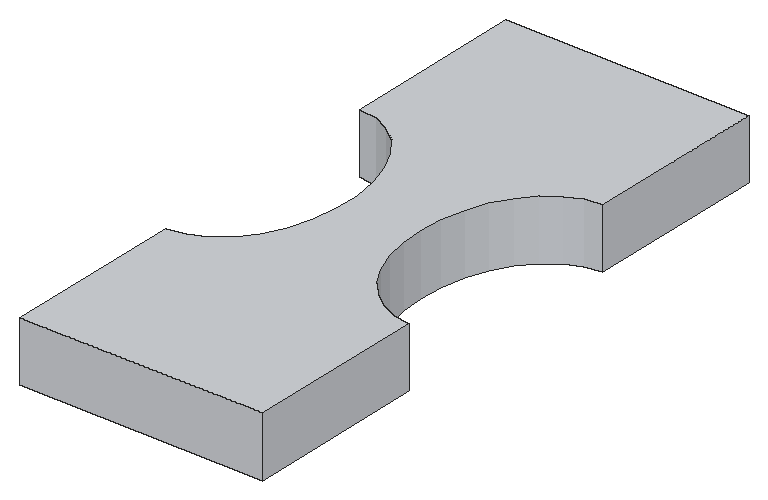
Revit family "電線管用ファミリ(片側のみ)_34", category Electrical Fixtures, Revit 2022
Family settings
  Round Connector Dimension = Use Diameter
  Part Type = Normal
  OmniClass Number = 23.80.00.00
  OmniClass Title = Electric Power and Lighting
  Work Plane-Based = No
  Always vertical = Yes
  Cut with Voids When Loaded = No
  Maintain Annotation Orientation = No
  Shared = No
  Room Calculation Point = No
Parameters
  コネクタ直径 [instance] = 16 mm
  W [instance] = 200 mm
  Default Elevation = 0 mm
  D [instance] = 500 mm
Reference planes
  plane 1 "Center (Front/Back)": y = 0
  plane 2: z = 0
  plane 3 "Center (Left/Right)": x = 0
  plane 4: x = -100
  plane 5: x = 100
  plane 6: y = 250
  plane 7: y = -250
  plane 8: z = 50
  plane 9: y = -100
  plane 10: y = 100
  plane 11: x = -50
  plane 12: x = 50
Forms (mm)
  Extrusion 1, solid
    sketch origin (0, 0, 0) x (1, 0, 0) y (0, 1, 0)
      loop
        line (-100, 250) -> (-100, -250) -> (100, -250) -> (100, 250) -> (-100, 250)
    from 0 to 50
  Extrusion 2, void
    sketch origin (0, 0, 0) x (1, 0, 0) y (0, 1, 0)
      loop
        line (-100, 100) -> (-100, -100)
        spline (-100, -100) -> (-81.883, -96.593) -> (-65, -86.603) -> (-50.503, -70.711) -> (-39.378, -50) -> (-32.385, -25.882) -> (-30, 0) -> (-32.385, 25.882) -> (-39.378, 50) -> (-50.503, 70.711) -> (-65, 86.603) -> (-81.883, 96.593) -> (-100, 100)
    from 0 to 50
  Extrusion 3, void
    sketch origin (0, 0, 0) x (1, 0, 0) y (0, 1, 0)
      loop
        spline (100, 100) -> (81.883, 96.593) -> (65, 86.603) -> (50.503, 70.711) -> (39.378, 50) -> (32.385, 25.882) -> (30, 0) -> (32.385, -25.882) -> (39.378, -50) -> (50.503, -70.711) -> (65, -86.603) -> (81.883, -96.593) -> (100, -100)
        line (100, -100) -> (100, 100)
    from 0 to 50
Cuts and joins
  Extrusion 2, Extrusion 3 cuts Extrusion 1
Dimensions and locks
  equal spacing: plane 4, plane 3 "Center (Left/Right)", plane 5
  "W": plane 4 to plane 5
  equal spacing: plane 6, plane 1 "Center (Front/Back)", plane 7
  "D": plane 6 to plane 7
  aligned and locked: level to plane 2
  aligned and locked: plane 8 to Extrusion 1
  aligned and locked: plane 8 to Extrusion 3
Automatic sketch dimensions
  Extrusion 1 sketch curve to plane 4 = 0 mm
  Extrusion 1 sketch curve to plane 5 = 0 mm
  Extrusion 1 sketch curve to plane 7 = 0 mm
  Extrusion 1 sketch curve to plane 6 = 0 mm
  Extrusion 2 sketch curve to plane 4 = 0 mm
  Extrusion 2 sketch curve to plane 9 = 0 mm
  Extrusion 2 sketch curve to plane 10 = 0 mm
  Extrusion 3 sketch curve to plane 5 = 0 mm
  Extrusion 3 sketch curve to plane 9 = 0 mm
  Extrusion 3 sketch curve to plane 10 = 0 mm
Connectors
  cabletrayconduit at (0, 0, 50), diameter 16
    settings: on Extrusion 1, index 1, connector width 300 mm, connector height 300 mm, connector angle 0.00°, system type 32, placement type 0, profile type 0, connector reference index -1, is primary connector yes, connector utility param no, connector description ""
